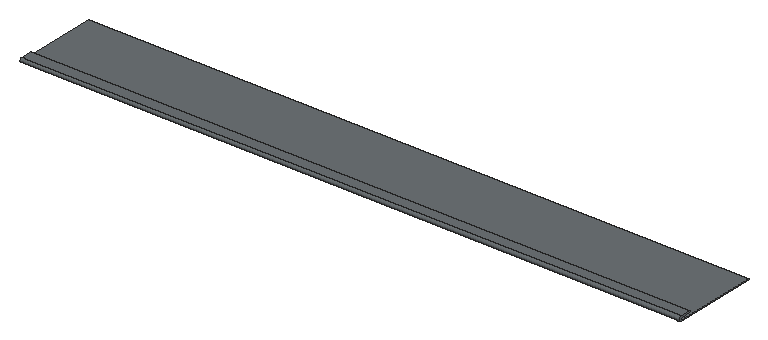
Revit family "BIMLIB_ПланкаЗавершающаяПростая_GRANDLINE", category Обобщенные модели, Revit 2017
Family settings
  Может служить основой для арматурных стержней = Нет
  Размер круглого соединителя = Использовать диаметр
  Тип детали = Нормальный
  При загрузке вырезать с полостями = Нет
  Общий = Нет
  Точка расчета площади = Нет
Parameters (values of type "Планка завершающая")
  Смещение от плоскости [instance] = 0 mm
  Описание = ADSK_Наименование  # "Планка завершающая"
  Изготовитель = "Grand Line"  # constant formula
  built-in parameter 1001306 [instance] = 500 mm
  Watermark [instance] = "Модели защищены уникальным кодом"
  URL = "https://www.grandline.ru"
  BL_Разработано = "support@bimlib.pro"
  BL_Email = "info@grandline.ru"
  BL_BIM library = "https://bimlib.pro/manufacturer/company/22430"
  ADSK_Размер_Длина [instance] = [built-in parameter 1001306]  # 500 mm
  ADSK_Обозначение = "ГОСТ 19904-90, ГОСТ 14918-80"
  ADSK_Наименование = "Планка завершающая"
  ADSK_Материал тип подсчета = 1  # constant formula
  ADSK_Материал = GL_Drap_RAL7016
  ADSK_Масса_Текст [instance] = ""
  ADSK_Масса [instance] = 0
  ADSK_Марка = ""
  ADSK_Количество [instance] = if(ADSK_Материал тип подсчета = 0, 1, if(ADSK_Материал тип подсчета = 1, ADSK_Размер_Длина / 1000 mm, 0))  # 0.5
  ADSK_Код изделия = "M011.039"  # constant formula
  ADSK_Завод-изготовитель = "Grand Line"  # constant formula
  ADSK_Единица измерения = "м"  # constant formula
  ADSK_Группирование = "Доборные элементы"  # constant formula
  ADSK_Версия Revit = "2017"  # constant formula
  ADSK_URL страницы изделия = "https://www.grandline.ru/planka-zavershayushchaya-0-5-satin-foil-ral-9003-63561.html"
  ADSK_URL документации изделия = "https://www.grandline.ru/uploads/files/chertezhi_vse/dobornye_elementy/de_saiyding_fasad/Planka_zavershaiushaia.jpg"
Reference planes
  plane 1 "По центру (Вперед/Назад)": y = 0
  plane 2: z = 0
  plane 3 "Слева": x = 0
  plane 4 "Справа": x = 500
Forms (mm)
  Sweep 1, solid, material "GL_Drap_RAL7016" <- "ADSK_Материал"
    path in 3D
      loop
        line (0, 0, 0) -> (500, 0, 0)
    profile "Профиль_ПланкаЗавершающаяПростая : Профиль" origin (250, 0, 0) x (0, 1, 0) y (0, 0, 1)
      loop
        line (1.5, 0) -> (65, 0) -> (65, 0.8) -> (1.5, 0.8)
        arc (1.5, 0.8) -> (0.8, 1.5) -> (1.5, 2.2) r 0.7
        line (1.5, 2.2) -> (10, 2.2) -> (10, 3) -> (1.5, 3)
        arc (1.5, 3) -> (0, 1.5) -> (1.5, 0) r 1.5
Lines and regions (mm)
  reference lines
    curve 1: line (0, 0, 0) -> (500, 0, 0)
  sketch lines
    curve 2: line (0, 0, 0) -> (500, 0, 0)
Dimensions and locks
  "built-in parameter 1001306": plane 3 "Слева" to plane 4 "Справа"
  aligned and locked: plane 4 "Справа" to curve 1
  aligned and locked: plane 1 "По центру (Вперед/Назад)" to curve 1
  aligned and locked: plane 3 "Слева" to curve 1
  aligned and locked: level to plane 2
